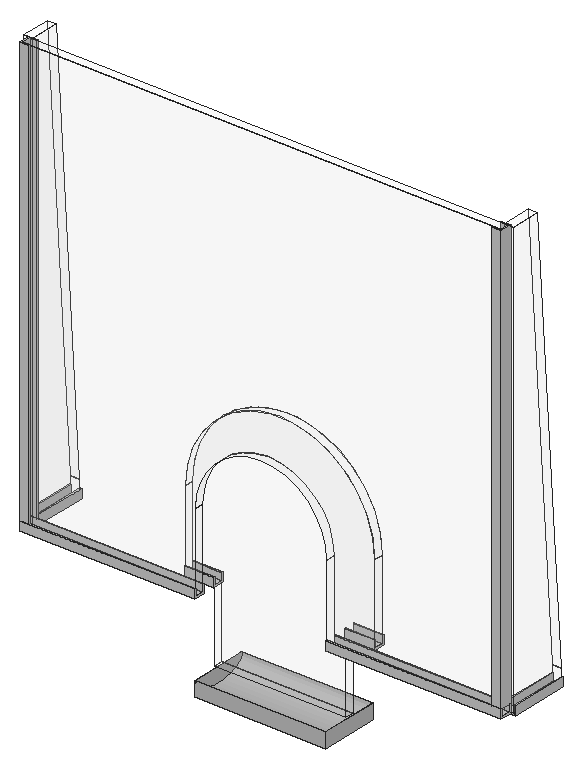
Revit family "Barrier-System_TotSecSol_Arch-Window", category Generic Models, host Face, Revit 2026
Family settings
  Host = Face
  Can host rebar = No
  Round Connector Dimension = Use Diameter
  Part Type = Normal
  Classification Number = 23.40.70.27
  Cut with Voids When Loaded = No
  Maintain Annotation Orientation = No
  Shared = No
  Room Calculation Point = No
Parameters (values of type "Level III Configuration as Specified")
  recessvoidwh [instance] = if(Tray_Surface Mount, 0' 0 1/32", Unit Width / 2)  # 0' - 0 1/32"
  recessvoidd [instance] = if(Tray_Surface Mount, 0' 0 1/32", 0' 8")  # 0' - 0 1/32"
  recessvoidcut [instance] = if(Tray_Surface Mount, -0' 0 1/32", -0' 1 1/2")  # -0' - 0 1/32"
  Warranty Duration (Years) = 0
  Unit Width [instance] = 1' - 6"
  Unit Height [instance] = 5' - 0"
  URL = "http://www.tssbulletproof.com/"
  Tray_Surface Mount [instance] = yes
  Tray_Recessed [instance] = not(Tray_Surface Mount)  # no
  Tray Height [instance] = if(Tray_Surface Mount, 0' 2", 0' 1 1/2")  # 0' - 2"
  Tray Finish [instance] = Metal - S.Steel - Satin
  Test Data = ""
  Standards Conformance = "as Specified"
  Specification = "http://www.arcat.com/sdspecs/htm04/13_21_68tss.htm"
  SpecWizard = "http://www.arcat.com/specwizard/13070tss/index04.htm"
  Side B Wall Channel [instance] = yes
  Side B Extension Width [instance] = 2' - 0"
  Side B Buttress [instance] = yes
  Side A Wall Channel [instance] = yes
  Side A Extension Width [instance] = 2' - 0"
  Side A Buttress [instance] = yes
  Send Message = ""
  Sales Information = "http://security.tssbulletproof.com/contact-total-security-solutions"
  Revision = "R1_2017-04"
  Recess Tray Into Counter [instance] = if(Tray_Surface Mount, 0' 0", 0' 1 1/2")  # 0' - 0"
  Raised Counter Height [instance] = 1' - 0"
  Product Properties = "http://www.tssbulletproof.com/bullet-proof-security-products/bullet-resistant-barriers/"
  Product Data = "http://www.arcat.com/arcatcos/cos43/arc43676.html"
  Model = "Level 3 Arch Window System as Specified"
  Manufacturer Website = "http://www.tssbulletproof.com/"
  Manufacturer Phone - Toll Free = ""
  Manufacturer Phone = "517-223-7807"
  Manufacturer Fax = "517-223-0805"
  Manufacturer Address = "170 National Park Dr.  Fowlerville, MI 48836"
  Manufacturer = "Total Security Solutions"
  Maintenance Schedule (Months) = 0
  Keynote = "13 21 68"
  Installation-Fabrication = ""
  Installation Phase = ""
  Green Building-LEED = "http://www.arcat.com/green/clients/leed_data_43676.html"
  Glazing Type [instance] = "as Specified"
  Glazing Tint [instance] = Glazing - Clear
  Glazing Thickness [instance] = 0' - 1 1/4"
  Frame Finish [instance] = Metal - Aluminum - Clear Satin Anodized
  Expected Lifespan (Years) = 0
  Drawn By = "Sumex Design, Inc. / Robert S. Weygant, CSI, CDT, SCIP"
  Description = "Total Security Solutions Level III Bullet Resistant Barrier System - Arch Window System as Specified"
  Default Elevation = 0' - 0"  # constant formula
  Copyright = "©Arcat Inc."
  Construction Details = "http://www.arcat.com/details/protecti/protecti.html?coid=43676"
  Building Codes = ""
  Assembly Code = "E1010200"
Types (3): name | Model | Description
  Level III Configuration as Specified | "Level 3 Arch Window System as Specified" | "Total Security Solutions Level III Bullet Resistant Barrier System - Arch Window System as Specified"
  Level II Configuration as Specified | "Level 2 Arch Window System as Specified" | "Total Security Solutions Level II Bullet Resistant Barrier System - Arch Window System as Specified"
  Level I Configuration as Specified | "Level 1 Arch Window System as Specified" | "Total Security Solutions Level I Bullet Resistant Barrier System - Arch Window System as Specified"
Reference planes (in)
  plane 1 "Center (Front/Back)": y = 0
  plane 2: z = 0
  plane 3 "Center (Left/Right)": x = 0
  plane 4: x = -9
  plane 5: x = 9
  plane 6: z = 12
  plane 7: x = -33
  plane 8: x = 33
  plane 9: y = 0.15625
  plane 10: y = 1.40625
  plane 11: y = 1.5625
  plane 12: x = 33
  plane 13: x = -33
  plane 14: x = -13
  plane 15: x = 13
  plane 16: y = 3.25
  plane 17: y = 3.40625
  plane 18: y = 4.65625
  plane 19: y = 4.8125
  plane 20: y = 9.5625
  plane 21: x = -33.625
  plane 22: x = -32.375
  plane 23: x = -32.21875
  plane 24: x = -33.78125
  plane 25: x = 33.625
  plane 26: x = 32.375
  plane 27: x = 32.21875
  plane 28: x = 33.78125
  plane 29: z = 72
  plane 30: z = 2
  plane 31: z = 0
  plane 32: x = -8.9375
  plane 33: x = 8.9375
Forms (in)
  Sweep 1, solid, material "Metal - Aluminum - Clear Satin Anodized" <- "Frame Finish"
    path origin (-15.17702, -180, 12) x (-1, 0, 0) y (0, -1, 0)
      loop
        line (-24.17702, -180) -> (-48.17702, -180)
    profile origin (21, 0, 12) x (0, 1, 0) y (0, 0, 1)
      loop
        line (0, 0) -> (1.5625, 0) -> (1.5625, 1.25) -> (1.40625, 1.25) -> (1.40625, 0.25) -> (0.15625, 0.25) -> (0.15625, 1.25) -> (0, 1.25) -> (0, 0)
  Sweep 2, solid, material "Metal - Aluminum - Clear Satin Anodized" <- "Frame Finish"
    path origin (15.17702, -180, 12) x (1, 0, 0) y (0, 1, 0)
      loop
        line (-24.17702, 180) -> (-48.17702, 180)
    profile origin (-21, 0, 12) x (0, -1, 0) y (0, 0, 1)
      loop
        line (0, 0) -> (0, 1.25) -> (-0.15625, 1.25) -> (-0.15625, 0.25) -> (-1.40625, 0.25) -> (-1.40625, 1.25) -> (-1.5625, 1.25) -> (-1.5625, 0) -> (0, 0)
  Sweep 3, solid, material "Metal - Aluminum - Clear Satin Anodized" <- "Frame Finish"
    path origin (15.17702, -176.75, 12) x (1, 0, 0) y (0, 1, 0)
      loop
        line (-24.17702, 180) -> (-28.17702, 180)
    profile origin (-11, 3.25, 12) x (0, -1, 0) y (0, 0, 1)
      loop
        line (0, 0) -> (0, 1.25) -> (-0.15625, 1.25) -> (-0.15625, 0.25) -> (-1.40625, 0.25) -> (-1.40625, 1.25) -> (-1.5625, 1.25) -> (-1.5625, 0) -> (0, 0)
  Sweep 4, solid, material "Metal - Aluminum - Clear Satin Anodized" <- "Frame Finish"
    path origin (-15.17702, -176.75, 12) x (-1, 0, 0) y (0, -1, 0)
      loop
        line (-24.17702, -180) -> (-28.17702, -180)
    profile origin (11, 3.25, 12) x (0, 1, 0) y (0, 0, 1)
      loop
        line (0, 0) -> (1.5625, 0) -> (1.5625, 1.25) -> (1.40625, 1.25) -> (1.40625, 0.25) -> (0.15625, 0.25) -> (0.15625, 1.25) -> (0, 1.25) -> (0, 0)
  Sweep 5, solid, material "Metal - Aluminum - Clear Satin Anodized" <- "Frame Finish", visible <- "Side A Buttress"
    path origin (-196.28125, -20.14577, 12) x (0, -1, 0) y (1, 0, 0)
      loop
        line (-21.70827, 163.28125) -> (-29.70827, 163.28125)
    profile origin (-33, 5.5625, 12) x (-1, 0, 0) y (0, 0, 1)
      loop
        line (0.78125, 0) -> (0.78125, 1.25) -> (0.625, 1.25) -> (0.625, 0.25) -> (-0.625, 0.25) -> (-0.625, 1.25) -> (-0.78125, 1.25) -> (-0.78125, 0) -> (0.78125, 0)
  Sweep 6, solid, material "Metal - Aluminum - Clear Satin Anodized" <- "Frame Finish", visible <- "Side B Buttress"
    path origin (196.28125, -20.14577, 12) x (0, -1, 0) y (1, 0, 0)
      loop
        line (-21.70827, -163.28125) -> (-29.70827, -163.28125)
    profile origin (33, 5.5625, 12) x (-1, 0, 0) y (0, 0, 1)
      loop
        line (-0.78125, 0) -> (0.78125, 0) -> (0.78125, 1.25) -> (0.625, 1.25) -> (0.625, 0.25) -> (-0.625, 0.25) -> (-0.625, 1.25) -> (-0.78125, 1.25) -> (-0.78125, 0)
  Extrusion 7, solid, material "Glazing - Clear" <- "Glazing Tint"
    sketch origin (10.5, 1.40625, 48) x (1, 0, 0) y (0, 0, 1)
      loop
        line (-19.5, -35.75) -> (-19.5, -25)
        arc (-19.5, -25) -> (-10.5, -16) -> (-1.5, -25) r 9
        line (-1.5, -25) -> (-1.5, -35.75) -> (22.5, -35.75) -> (22.5, 24) -> (-43.5, 24) -> (-43.5, -35.75) -> (-19.5, -35.75)
    from 0 to 1.25
  Extrusion 8, solid, material "Metal - S.Steel - Satin" <- "Tray Finish"
    sketch origin (0, 0, 0) x (1, 0, 0) y (0, 0, 1)
      loop
        line (-9, 0) -> (9, 0) -> (9, 2) -> (-9, 2) -> (-9, 0)
    from 0 to -8
  Extrusion 9, void
    sketch origin (0, 0, 0) x (0, 1, 0) y (0, 0, 1)
      loop
        spline (0, 2) -> (0.1363, 1.50118) -> (0.5359, 1.03636) -> (1.17157, 0.6372) -> (2, 0.33092) -> (2.96472, 0.13838) -> (4, 0.07271) -> (5.03528, 0.13838) -> (6, 0.33092) -> (6.82843, 0.6372) -> (7.4641, 1.03636) -> (7.8637, 1.50118) -> (8, 2)
        line (8, 2) -> (0, 2)
    from -8.9375 to 8.9375
  Extrusion 10, void
    sketch origin (0, 0, 0) x (1, 0, 0) y (0, 1, 0)
      loop
        line (-0.03125, 0) -> (0.03125, 0) -> (0.03125, 0.03125) -> (-0.03125, 0.03125) -> (-0.03125, 0)
    from 0 to -0.03125 <- "recessvoidcut"
  Extrusion 11, solid, material "Glazing - Clear" <- "Glazing Tint"
    sketch origin (-19.43145, 3.40625, 48) x (-1, 0, 0) y (0, 0, 1)
      loop
        line (-6.43145, -35.75) -> (-6.43145, -25)
        arc (-6.43145, -25) -> (-19.43145, -12) -> (-32.43145, -25) r 13
        line (-32.43145, -25) -> (-32.43145, -35.75) -> (-28.43145, -35.75) -> (-28.43145, -33.75) -> (-10.43145, -33.75) -> (-10.43145, -35.75) -> (-6.43145, -35.75)
    from 0 to 1.25
  Extrusion 12, solid, material "Glazing - Clear" <- "Glazing Tint"
    sketch origin (-19.43145, 3.40625, 48) x (-1, 0, 0) y (0, 0, 1)
      loop
        line (-10.43145, -45.75) -> (-10.43145, -32) -> (-28.43145, -32) -> (-28.43145, -45.75) -> (-10.43145, -45.75)
    from 0 to 1.25
  Sweep 13, solid, material "Metal - Aluminum - Clear Satin Anodized" <- "Frame Finish", visible <- "Side B Wall Channel"
    path origin (0, 0, 0) x (1, 0, 0) y (0, 0, 1)
      loop
        line (33, 13.25) -> (33, 72)
    profile origin (33, 0, 42.625) x (-1, 0, 0) y (0, -1, 0)
      loop
        line (0, 0) -> (0, -1.5625) -> (1.25, -1.5625) -> (1.25, -1.40625) -> (0.25, -1.40625) -> (0.25, -0.15625) -> (1.25, -0.15625) -> (1.25, 0) -> (0, 0)
  Sweep 14, solid, material "Metal - Aluminum - Clear Satin Anodized" <- "Frame Finish", visible <- "Side A Wall Channel"
    path origin (0, 0, 0) x (-1, 0, 0) y (0, 0, 1)
      loop
        line (33, 13.25) -> (33, 72)
    profile origin (-33, 0, 42.625) x (-1, 0, 0) y (0, -1, 0)
      loop
        line (0, 0) -> (-1.25, 0) -> (-1.25, -0.15625) -> (-0.25, -0.15625) -> (-0.25, -1.40625) -> (-1.25, -1.40625) -> (-1.25, -1.5625) -> (0, -1.5625) -> (0, 0)
  Extrusion 15, solid, material "Glazing - Clear" <- "Glazing Tint"
    sketch origin (33, 10, 48) x (0, 1, 0) y (0, 0, 1)
      loop
        line (-8.59375, -35.75) -> (-0.4375, -35.75) -> (-0.4375, -33.75) -> (-4.4375, 24) -> (-8.59375, 24) -> (-8.59375, -35.75)
    from -0.625 to 0.625
  Extrusion 16, solid, material "Glazing - Clear" <- "Glazing Tint"
    sketch origin (-33, 10, 48) x (0, 1, 0) y (0, 0, -1)
      loop
        line (-8.59375, 35.75) -> (-8.59375, -24) -> (-4.4375, -24) -> (-0.4375, 33.75) -> (-0.4375, 35.75) -> (-8.59375, 35.75)
    from -0.625 to 0.625
Cuts and joins
  Extrusion 9 cuts Extrusion 8
  joined: Extrusion 11, Extrusion 12
Dimensions and locks (in)
  "Raised Counter Height": plane 6 to level
  equal spacing: plane 4, plane 3 "Center (Left/Right)", plane 5
  "Unit Width": plane 4 to plane 5
  "Side B Extension Width": plane 5 to plane 12
  "Side A Extension Width": plane 13 to plane 4
  locked: plane 1 "Center (Front/Back)" to plane 9 at 0.15625
  locked: plane 10 to plane 11 at 0.15625
  "Glazing Thickness": plane 9 to plane 10
  locked: Sweep 1 sketch curve to plane 6 at 1.25  (x2)
  locked: Sweep 1 sketch curve to plane 6 at 0.25
  locked: Sweep 2 sketch curve to plane 6 at 1.25  (x2)
  locked: Sweep 2 sketch curve to plane 6 at 0.25
  locked: plane 14 to plane 4 at 4
  locked: plane 5 to plane 15 at 4
  locked: plane 11 to plane 16 at 1.6875
  locked: plane 16 to plane 17 at 0.15625
  locked: plane 18 to plane 19 at 0.15625
  "Glazing Thickness": plane 18 to plane 17
  plane 11 to plane 20 = 0' - 8"
  locked: Sweep 3 sketch curve to plane 6 at 0.25
  locked: Sweep 3 sketch curve to plane 6 at 1.25  (x2)
  locked: Sweep 4 sketch curve to plane 6 at 1.25  (x2)
  locked: Sweep 4 sketch curve to plane 6 at 0.25
  locked: Sweep 5 sketch curve to plane 6 at 1.25  (x2)
  locked: Sweep 5 sketch curve to plane 6 at 0.25
  equal spacing: plane 21, plane 7, plane 22
  "Glazing Thickness": plane 21 to plane 22
  locked: plane 24 to plane 21 at 0.15625
  locked: plane 22 to plane 23 at 0.15625
  equal spacing: plane 25, plane 8, plane 26
  "Glazing Thickness": plane 25 to plane 26
  locked: plane 26 to plane 27 at 0.15625
  locked: plane 28 to plane 25 at 0.15625
  locked: Sweep 6 sketch curve to plane 6 at 0.25
  locked: Sweep 6 sketch curve to plane 6 at 1.25  (x2)
  "Unit Height": plane 29 to plane 6
  locked: Extrusion 7 sketch curve to plane 6 at 0.25  (x2)
  "Recess Tray Into Counter": level to plane 31
  "Tray Height": plane 30 to plane 31
  locked: plane 4 to plane 32 at 0.0625
  locked: plane 33 to plane 5 at 0.0625
  "recessvoidwh": Extrusion 10 sketch curve to plane 3 "Center (Left/Right)"
  "recessvoidwh": plane 3 "Center (Left/Right)" to Extrusion 10 sketch curve
  "recessvoidd": plane 1 "Center (Front/Back)" to Extrusion 10 sketch curve
  "Tray Height": plane 30 to Extrusion 8 sketch curve
  locked: Extrusion 9 sketch curve to plane 31 at 0.07271
  locked: Extrusion 11 sketch curve to plane 6 at 2.25
  locked: Extrusion 11 sketch curve to plane 6 at 0.25  (x2)
  locked: Extrusion 12 sketch curve to plane 30 at 0.25
  locked: Extrusion 12 sketch curve to plane 6 at 4
  locked: Sweep 13 sketch curve to plane 6 at 1.25
  locked: Sweep 13 sketch curve to plane 12 at 0.25
  locked: Sweep 13 sketch curve to plane 12 at 1.25  (x2)
  locked: Sweep 14 sketch curve to plane 6 at 1.25
  locked: plane 13 to Sweep 14 sketch curve at 1.25  (x2)
  locked: plane 13 to Sweep 14 sketch curve at 0.25
  locked: plane 1 "Center (Front/Back)" to Extrusion 9 sketch curve at 8
  locked: Extrusion 7 sketch curve to level at 32
  locked: Extrusion 11 sketch curve to level at 36
  locked: plane 11 to Extrusion 15 sketch curve at 4
  locked: Extrusion 15 sketch curve to plane 6 at 2.25
  locked: Extrusion 15 sketch curve to plane 6 at 0.25
  locked: plane 11 to Extrusion 16 sketch curve at 4
  locked: Extrusion 16 sketch curve to plane 6 at 0.25
  locked: Extrusion 16 sketch curve to plane 6 at 2.25
  aligned and locked: plane 2 to host face
  aligned and locked: level to host face
  aligned and locked: plane 12 to Sweep 1 sketch curve
  aligned and locked: plane 5 to Sweep 1 sketch curve
  aligned and locked: plane 1 "Center (Front/Back)" to Sweep 1 sketch curve
  aligned and locked: plane 10 to Sweep 1 sketch curve
  aligned and locked: Sweep 1 sketch curve to plane 9
  aligned and locked: Sweep 1 sketch curve to plane 6
  aligned and locked: plane 13 to Sweep 2 sketch curve
  aligned and locked: plane 4 to Sweep 2 sketch curve
  aligned and locked: Sweep 2 sketch curve to plane 1 "Center (Front/Back)"  (x2)
  aligned and locked: Sweep 2 sketch curve to plane 6
  aligned and locked: plane 10 to Sweep 2 sketch curve
  aligned and locked: Sweep 2 sketch curve to plane 11
  aligned and locked: Sweep 2 sketch curve to plane 9
  aligned and locked: Sweep 1 sketch curve to plane 1 "Center (Front/Back)"
  aligned and locked: Sweep 1 sketch curve to plane 11
  aligned and locked: plane 14 to Sweep 3 sketch curve
  aligned and locked: plane 4 to Sweep 3 sketch curve
  aligned and locked: plane 16 to Sweep 3 sketch curve  (x2)
  aligned and locked: Sweep 3 sketch curve to plane 6
  aligned and locked: plane 19 to Sweep 3 sketch curve
  aligned and locked: Sweep 3 sketch curve to plane 18
  aligned and locked: plane 17 to Sweep 3 sketch curve
  aligned and locked: plane 5 to Sweep 4 sketch curve
  aligned and locked: plane 15 to Sweep 4 sketch curve
  aligned and locked: Sweep 4 sketch curve to plane 16
  aligned and locked: plane 19 to Sweep 4 sketch curve
  aligned and locked: Sweep 4 sketch curve to plane 18
  aligned and locked: plane 17 to Sweep 4 sketch curve
  aligned and locked: plane 16 to Sweep 4 sketch curve
  aligned and locked: Sweep 4 sketch curve to plane 6
  aligned and locked: plane 20 to Sweep 5 sketch curve
  aligned and locked: plane 7 to Sweep 5 sketch curve
  aligned and locked: plane 11 to Sweep 5 sketch curve
  aligned and locked: Sweep 5 sketch curve to plane 24
  aligned and locked: Sweep 5 sketch curve to plane 21
  aligned and locked: plane 22 to Sweep 5 sketch curve
  aligned and locked: Sweep 5 sketch curve to plane 23
  aligned and locked: Sweep 5 sketch curve to plane 6
  aligned and locked: plane 8 to Sweep 6 sketch curve
  aligned and locked: Sweep 6 sketch curve to plane 20
  aligned and locked: plane 11 to Sweep 6 sketch curve
  aligned and locked: plane 28 to Sweep 6 sketch curve
  aligned and locked: plane 25 to Sweep 6 sketch curve
  aligned and locked: Sweep 6 sketch curve to plane 26
  aligned and locked: plane 27 to Sweep 6 sketch curve
  aligned and locked: Sweep 6 sketch curve to plane 6
  aligned and locked: plane 4 to Extrusion 7 sketch curve
  aligned and locked: Extrusion 7 sketch curve to plane 13
  aligned and locked: plane 29 to Extrusion 7 sketch curve
  aligned and locked: plane 9 to Extrusion 7
  aligned and locked: plane 4 to Extrusion 8 sketch curve
  aligned and locked: Extrusion 8 sketch curve to plane 5
  aligned and locked: Extrusion 8 sketch curve to plane 30
  aligned and locked: plane 30 to Extrusion 9 sketch curve
  aligned and locked: Extrusion 9 to plane 32
  aligned and locked: plane 33 to Extrusion 9
  aligned and locked: Extrusion 11 sketch curve to plane 15
  aligned and locked: plane 14 to Extrusion 11 sketch curve
  aligned and locked: Extrusion 11 sketch curve to plane 4
  aligned and locked: plane 5 to Extrusion 11 sketch curve
  aligned and locked: plane 18 to Extrusion 11
  aligned and locked: plane 4 to Extrusion 12 sketch curve
  aligned and locked: plane 5 to Extrusion 12 sketch curve
  aligned and locked: plane 18 to Extrusion 12
  aligned and locked: plane 12 to Sweep 13 sketch curve
  aligned and locked: plane 29 to Sweep 13 sketch curve
  aligned and locked: Sweep 13 sketch curve to plane 12
  aligned and locked: Sweep 13 sketch curve to plane 1 "Center (Front/Back)"
  aligned and locked: plane 9 to Sweep 13 sketch curve
  aligned and locked: plane 11 to Sweep 13 sketch curve
  aligned and locked: Sweep 13 sketch curve to plane 10
  aligned and locked: plane 13 to Sweep 14 sketch curve
  aligned and locked: plane 29 to Sweep 14 sketch curve
  aligned and locked: Sweep 14 sketch curve to plane 11
  aligned and locked: plane 10 to Sweep 14 sketch curve
  aligned and locked: Sweep 14 sketch curve to plane 9
  aligned and locked: plane 1 "Center (Front/Back)" to Sweep 14 sketch curve
  aligned and locked: Sweep 14 sketch curve to plane 13
  aligned and locked: plane 13 to plane 7
  aligned and locked: plane 12 to plane 8
  aligned and locked: plane 1 "Center (Front/Back)" to Extrusion 9 sketch curve
  aligned and locked: plane 5 to Extrusion 7 sketch curve
  aligned and locked: Extrusion 7 sketch curve to plane 12
  aligned and locked: Extrusion 15 sketch curve to plane 10
  aligned and locked: Extrusion 15 to plane 26
  aligned and locked: plane 25 to Extrusion 15
  aligned and locked: Extrusion 16 sketch curve to plane 10
  aligned and locked: Extrusion 16 sketch curve to plane 29
  aligned and locked: Extrusion 15 sketch curve to plane 29
  aligned and locked: Extrusion 16 to plane 22
  aligned and locked: Extrusion 16 to plane 21
Automatic sketch dimensions
  host sketch curve to host sketch curve = 6' - 6"
  host sketch curve to host sketch curve = 2' - 2.14057"
  plane 1 "Center (Front/Back)" to Extrusion 10 sketch curve = 0' - 0"
  Extrusion 15 sketch curve to plane 20 = 0' - 0"
  Extrusion 16 sketch curve to plane 20 = 0' - 0"
